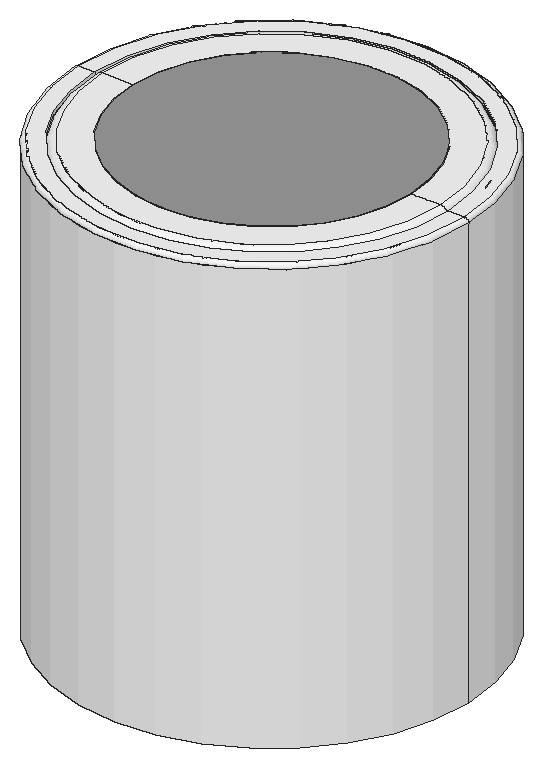
Revit family "3098171 Lighting Fixture_Sylvania_Insaver LED II 150 LO_Surface Mounted", category Lighting Fixtures, host Face, Revit 2017
Family settings
  Host = Face
  Round Connector Dimension = Use Diameter
  Part Type = Normal
  OmniClass Number = 23.80.70.11.17
  OmniClass Title = Specialized Lighting by Location or Use
  Cut with Voids When Loaded = No
  Light Source = Yes
  Shared = No
  Room Calculation Point = No
Parameters (values of type "Insaver LED II 150 Low Output NW EB Surface Mounted")
  Ta Rating = "0°C to 55°C"  # constant formula
  Reflector Material = Metal_Sylvania_Insaver LED II_Polished
  LOR = "100%"  # constant formula
  IP Rating = "IP23 (44 with accessory)"  # constant formula
  Height = 208.0 mm
  Glare Control = "UGR <19 (using accessory)"  # constant formula
  Energy Class = "A++,A+,A"  # constant formula
  Weight = 0 kg
  Wattage = 20 W
  built-in parameter 1150110 = 1 (stored number, unit not read)
  Voltage Comments = "UNV (Universal Voltage; 220-240 Volt)"  # constant formula
  Voltage = 230 V  # constant formula
  URL = "http://www.sylvania-lighting.com"
  built-in parameter 1114217 = 1 (stored number, unit not read)
  Tilt Angle = -90°
  built-in parameter 1150109 = 1 (stored number, unit not read)
  built-in parameter 1150134 = 12
  built-in parameter 1150113 = 1 (stored number, unit not read)
  Product Page URL = "http://www.sylvania-lighting.com/product/en-int/products/3098171"
  Product Family = "INSAVER LED II 150 Surface Mounted"  # constant formula
  Photometry Comments = ""
  Photometric Web File = "3098171_InsaverLEDII150LowOutputNW1-10SurfaceMounted-202109.ies"
  Life = "50 000 h"  # constant formula
  Emit from Circle Diameter = Diffuser Diameter  # 133.0 mm
  Emit Shape Visible in Rendering = no
  Drive Current = "700mA"  # constant formula
  Distribution type = "Direct - symmetrical"  # constant formula
  Diffuser Material = Glass_Sylvania_Insaver LED II_4000K
  Diffuser Diameter = Accessory Diameter - 36.0 mm  # 133.0 mm
  Colour consistency (SDCM) = "3 step"  # constant formula
  built-in parameter 1114216 [instance] = 1 (stored number, unit not read)
  Model = "Insaver LED II 150 Low Output NW 1-10 Surface Mounted"
  Manufacturer = "Feilo Sylvania"
  built-in parameter 1150105 = 1374.7 (stored number, unit not read)
  Lumens = 1940 lm
  built-in parameter 1150115 = 1 (stored number, unit not read)
  built-in parameter 1150137 = (empty or 0)
  built-in parameter 1150139 = (empty or 0)
  built-in parameter 1150112 = 1 (stored number, unit not read)
  built-in parameter 1150114 = 1 (stored number, unit not read)
  Lamp Comments = "Integrated LED"  # constant formula
  Lamp = ""
  built-in parameter 1150132 = 2
  built-in parameter 1150102 = (empty or 0)
  built-in parameter 1150107 = 4000 (stored number, unit not read)
  built-in parameter 1150138 = (empty or 0)
  built-in parameter 1150106 = 13.747 (stored number, unit not read)
  CRI ( Ra ) = 80  # constant formula
  Body Material = Plastic_Sylvania_Insaver LED II_White
  built-in parameter 1150104 = 9.0116 (stored number, unit not read)
  Dimming Lamp Color Temperature Shift = <None>
  Description = "Circular LED downlight with up to 114lm/W efficacy and 2,400 luminaire lumen output. Innovative easy installation system allows for a rapid, single point installation. For 150mm cut outs. IP44 or UGR<19 compliant with additional accessories. 3 hour emergency and surface mounted versions available. Plus3 version includes Wieland GST connector."  # constant formula
  Default Elevation = 0.0 mm
  Color Filter = 16777215
  Catalog Number = "3098171 Insaver LED II 150 Low Output NW 1-10 Surface Mounted"
  built-in parameter 1140040 [instance] = 1
  Radius = Diameter / 2  # 94.0 mm
  Diameter = 188.0 mm
  Beam Angle = 76°  # constant formula
  built-in parameter 1114218 = 1 (stored number, unit not read)
  built-in parameter 1150133 = 10 (stored number, unit not read)
  Assembly Code = "D5020200"
  Apparent Load Comments = ""
  Apparent Load = 17 VA
  Accessory Radius = Accessory Diameter / 2  # 84.5 mm
  Accessory Material = Plastic_Sylvania_Insaver LED II_White
  Accessory Diameter = Diameter - 19.0 mm  # 169.0 mm
Reference planes
  plane 1 "Center (Front/Back)": y = 0
  plane 2: z = 0
  plane 3 "Center (Left/Right)": x = 0
  plane 4: z = 202
  plane 5 "Fixture Bottom": z = 208
  plane 6: z = 205
  plane 7: z = 9.5
  plane 8: z = 148
Forms (mm)
  Revolve 1, solid, material "Plastic_Sylvania_Insaver LED II_White" <- "Accessory Material", detail levels fine
    sketch origin (0, 0, 206.916) x (1, 0, 0) y (0, 0, 1)
      loop
        line (-84.5, -4.916) -> (-66.5, -4.916) -> (-66.5, 1.084) -> (-80.5, 1.084)
        arc (-80.5, 1.084) -> (-83.328, -0.088) -> (-84.5, -2.916) r 4
        line (-84.5, -2.916) -> (-84.5, -4.916)
      axis (0, 1.084) -> (0, -4.916)
    angle from 0 to 360
  Extrusion 2, solid, material "Glass_Sylvania_Insaver LED II_4000K" <- "Diffuser Material", detail levels fine
    sketch origin (0, 0, 206.916) x (1, 0, 0) y (0, 1, 0)
      loop
        circle (0, 0) r 66.5
    from -4.916 to 1.084
  Extrusion 3, solid, material "Plastic_Sylvania_Insaver LED II_White" <- "Body Material", detail levels fine
    sketch origin (0, 0, 0) x (1, 0, 0) y (0, 1, 0)
      loop
        circle (0, 0) r 94
      loop
        circle (0, 0) r 84.5
    from 0 to 205
  Revolve 4, solid, material "Plastic_Sylvania_Insaver LED II_White" <- "Body Material", detail levels fine
    sketch origin (0, 0, 0) x (1, 0, 0) y (0, 0, 1)
      loop
        line (-94, 205) -> (-84.5, 205) -> (-84.5, 207) -> (-92, 207)
        arc (-92, 207) -> (-93.414, 206.414) -> (-94, 205) r 2
      axis (0, 207) -> (0, 205)
    angle from 0 to 360
  Extrusion 5, solid, material "Plastic_Sylvania_Insaver LED II_White" <- "Body Material", detail levels fine
    sketch origin (0, 0, 0) x (1, 0, 0) y (0, 1, 0)
      loop
        circle (0, 0) r 84.5
    from 0 to 9.5
  Revolve 6, solid, detail levels fine
    sketch origin (0, 0, 0) x (1, 0, 0) y (0, 0, 1)
      loop
        line (0, 148) -> (0, 150)
        arc (0, 150) -> (-48.672, 164.089) -> (-82.291, 202) r 91.113
        line (-82.291, 202) -> (-84.5, 202)
        arc (-84.5, 202) -> (-50.14, 162.653) -> (0, 148) r 93.113
      axis (0, 202) -> (0, 148)
    angle from 0 to 360
  Extrusion 7, solid, material "Plastic_Sylvania_Insaver LED II_White" <- "Body Material", detail levels coarse+medium
    sketch origin (0, 0, 0) x (1, 0, 0) y (0, 1, 0)
      loop
        circle (0, 0) r 94
    from 0 to 208
Cuts and joins
  joined: Extrusion 3, Revolve 4, Extrusion 5
Lines and regions (mm)
  Masking region 1
    outline origin (0, 0, 0) x (1, 0, 0) y (0, 1, 0)
      loop
        circle (0, 0) r 94
  symbolic lines, detail levels fine
    curve 1: arc (66.5, 0, 0) -> (0, 66.5, 0) -> (-66.5, 0, 0) r 66.5
    curve 2: arc (-66.5, 0, 0) -> (0, -66.5, 0) -> (66.5, 0, 0) r 66.5
Dimensions and locks
  locked: Revolve 1 sketch curve to Revolve 1 sketch curve at 18
  "Accessory Radius": plane 3 "Center (Left/Right)" to Revolve 1 sketch curve
  locked: Revolve 1 sketch curve to plane 4 at 2
  plane 5 "Fixture Bottom" to plane 6 to plane 4 to plane 8 = 3.0 mm locked, 3.0 mm locked, 54.0 mm locked
  "Height": plane 5 "Fixture Bottom" to plane 2
  locked: Revolve 4 sketch curve to plane 6 at 2
  locked: plane 7 to plane 2 at 9.5
  "Radius": plane 3 "Center (Left/Right)" to Revolve 4 sketch curve
  locked: Revolve 4 sketch curve to Revolve 4 sketch curve at 9.5
  "Accessory Radius": plane 3 "Center (Left/Right)" to Revolve 6 sketch curve
  locked: Revolve 6 sketch curve to Revolve 6 sketch curve at 2.209
  locked: Revolve 6 sketch curve to plane 8 at 2
  "Diffuser Diameter": diameter of Extrusion 2 sketch curve
  "Diameter": diameter of Extrusion 3 sketch curve
  "Accessory Diameter": diameter of Extrusion 3 sketch curve
  "Accessory Diameter": diameter of Extrusion 5 sketch curve
  "Diameter": diameter of Extrusion 7 sketch curve
  aligned and locked: plane 2 to host face
  aligned and locked: level to host face
  aligned and locked: imposter light to plane 1 "Center (Front/Back)"
  aligned and locked: plane 4 to Revolve 1 sketch curve
  aligned and locked: Revolve 1 sketch curve to plane 3 "Center (Left/Right)"
  aligned and locked: plane 4 to Extrusion 2
  aligned and locked: Extrusion 2 to plane 5 "Fixture Bottom"
  aligned and locked: Extrusion 3 to plane 6
  aligned and locked: Extrusion 3 to plane 2
  aligned and locked: Revolve 4 sketch curve to plane 3 "Center (Left/Right)"
  aligned and locked: plane 5 "Fixture Bottom" to Revolve 1 sketch curve
  aligned and locked: plane 6 to Revolve 4 sketch curve
  aligned and locked: Extrusion 5 to plane 2
  aligned and locked: Extrusion 5 to plane 7
  aligned and locked: imposter light to plane 3 "Center (Left/Right)"
  aligned and locked: imposter light to plane 5 "Fixture Bottom"
  aligned and locked: Revolve 6 sketch curve to imposter light
  aligned and locked: Revolve 6 sketch curve to plane 4
  aligned and locked: imposter light to Revolve 6 sketch curve
  aligned and locked: Extrusion 7 to plane 5 "Fixture Bottom"
  aligned and locked: Extrusion 7 to plane 2
  aligned and locked: Masking region 1 sketch curve to Extrusion 7  (x2)
  aligned and locked: curve 1 to Extrusion 2
  aligned and locked: curve 2 to Extrusion 2
Automatic sketch dimensions
  host sketch curve to host sketch curve = 1040.406 mm
  host sketch curve to host sketch curve = 988.385 mm
  plane 4 to Revolve 1 sketch curve = 23.903 mm
  Revolve 1 sketch curve to plane 5 "Fixture Bottom" = 38.423 mm
  plane 1 "Center (Front/Back)" to Extrusion 2 sketch curve = 0.0 mm
  Extrusion 2 sketch curve to plane 3 "Center (Left/Right)" = 0.0 mm
  Extrusion 3 sketch curve to Extrusion 3 sketch curve = 0.0 mm  (x2)
  plane 1 "Center (Front/Back)" to Extrusion 3 sketch curve = 0.0 mm
  Extrusion 3 sketch curve to plane 3 "Center (Left/Right)" = 0.0 mm
  Revolve 4 sketch curve to plane 5 "Fixture Bottom" = 23.931 mm
  Revolve 4 sketch curve to Revolve 4 sketch curve = 16.615 mm
  plane 1 "Center (Front/Back)" to Extrusion 5 sketch curve = 0.0 mm
  Extrusion 5 sketch curve to plane 3 "Center (Left/Right)" = 0.0 mm
  Revolve 6 sketch curve to Revolve 6 sketch curve = 0.0 mm
  plane 4 to Revolve 6 sketch curve = 22.636 mm
  Revolve 6 sketch curve to Revolve 6 sketch curve = 1.749 mm
  plane 1 "Center (Front/Back)" to Extrusion 7 sketch curve = 0.0 mm
  Extrusion 7 sketch curve to plane 3 "Center (Left/Right)" = 0.0 mm
Connectors
  electrical at (0, 0, 0), driven by "Voltage", driven by "Apparent Load"
    settings: on cut or joined group of Extrusion 3, Revolve 4, Extrusion 5, index 1, voltage 230 V, apparent load 0 VA, apparent load phase1 17 VA, apparent load phase2 0 VA, apparent load phase3 0 VA, power factor 1, load classification "Lighting", number of poles 1, system type 31, power factor state 1, is connector primary yes, connector utility no, sub classification motor no, connector description ""
